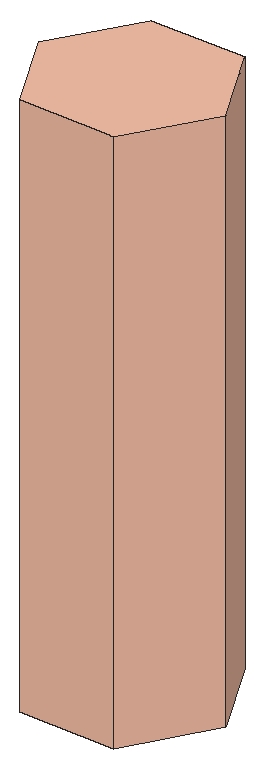
Revit family "$Player_Cat", category Generic Models, Revit 2020
Family settings
  Can host rebar = No
  Round Connector Dimension = Use Diameter
  Part Type = Normal
  Work Plane-Based = No
  Always vertical = Yes
  Cut with Voids When Loaded = No
  Shared = No
  Room Calculation Point = No
Parameters (values of type "SD")
  yes = 2 > 1  # yes
  show_standard [instance] = not(show_overweight)  # yes
  show_overweight [instance] = _property_is_overweight  # no
  no = not(yes)  # no
  mat. = team #2
  _property_team = "team #2"
  _property_positionID = -50
  _property_paycheck = 0
  _property_name = "森"
  _property_luck = 50
  _property_is_overweight = no
  _property_hold_status = "Starter"
  _property_hold_amount = 1
  _asset_tools = ""
  _asset_skills = ""
  _asset_money = 5000
  _asset_direction = 1
  Default Elevation = 0 mm
Reference planes
  plane 1 "Center (Front/Back)": y = 0
  plane 2: z = 0
  plane 3 "Center (Left/Right)": x = 0
Forms (mm)
  Extrusion 1, solid, material "team #2" <- "mat.", visible <- "show_standard"
    sketch origin (0, 0, 0) x (1, 0, 0) y (0, 1, 0)
      loop
        line (300, 0) -> (150, 259.808) -> (-150, 259.808) -> (-300, 0) -> (-150, -259.808) -> (150, -259.808) -> (300, 0)
    from 0 to 1750
  Extrusion 2, solid, material "team #2" <- "mat.", visible <- "show_overweight"
    sketch origin (0, 0, 0) x (1, 0, 0) y (0, 1, 0)
      loop
        line (500, 0) -> (250, 433.013) -> (-250, 433.013) -> (-500, 0) -> (-250, -433.013) -> (250, -433.013) -> (500, 0)
    from 0 to 1300
Dimensions and locks
  aligned and locked: plane 2 to level
  aligned and locked: plane 1 "Center (Front/Back)" to nested 1
  aligned and locked: plane 3 "Center (Left/Right)" to nested 1
Nested families
  nested 1: "NAME_SYMBOL" at (0, 0, 0), _property_name <- "_property_name", _property_positionID <- "_property_positionID", type "NAME_SYMBOL"
    with _property_positionID -50, _property_name "森"
Definition of nested family "NAME_SYMBOL"
  Parameters (values of type "NAME_SYMBOL")
    _property_positionID [instance] = 0
    _property_name [instance] = ""
  Reference planes
    plane 1: y = 0
    plane 2: x = 0
  Lines and regions (mm)
    detail lines
      curve 1: line (-15, -5, 0) -> (15, -5, 0)
      curve 2: line (-15, 5, 0) -> (-15, -5, 0)
      curve 3: line (15, 5, 0) -> (-15, 5, 0)
      curve 4: line (15, -5, 0) -> (15, 5, 0)
  Text (mm)
    label "A\npositionID = _property_positionID" at (0.077, 0.299, 0), shows "_property_name", "_property_positionID"
